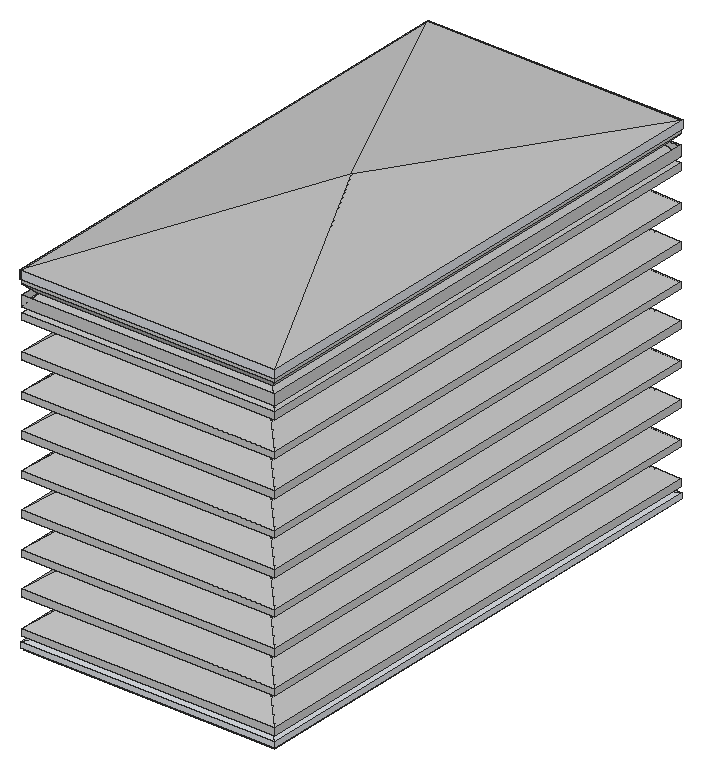
Revit family
Parameters
  Width [instance] = 6' - 0"
  Weight = "5 lb/sq.ft."  # constant formula
  Warranty = "All materials and workmanship are warranted for a period of 1 year from date of completion."  # constant formula
  URL = "http://www.industriallouvers.com"
  Surface Finish = "Aluminum, Anodized, or Kynar finish"  # constant formula
  Support Structure = Aluminum
  Subcategory = "Penthouse – Brick Vent "  # constant formula
  Screen length [instance] = Interior Length - 0' 4 1/2"  # 1' - 11 7/16"
  Screen Width [instance] = Interior Width - 0' 4 1/2"  # 4' - 11 7/16"
  Screen Material = Screen Material
  Screen Frame = Aluminum
  SMARTBIM URL = "http://www.SMARTBIM.com"
  SMARTBIM Object Version = 3  # constant formula
  SMARTBIM Object Created By = "SMARTBIM, LLC"  # constant formula
  SMARTBIM Contact = "mailto:SMARTBIM@SMARTBIM.com"
  Roof Material = Aluminum
  Roof Height [instance] = tan(8.63°) * (0.5 * Length)  # 0' - 2.73189"
  Product Submittal URL = "http://www.industriallouvers.com/downloads/Penthouse%20&%20BV/480XP.pdf"
  Product Page URL = "http://www.industriallouvers.com/lv_pbv.php"
  Number of Blades [instance] = (Height - 0' 5 1/2") / 0' 5"  # 9
  Model = "480XP"  # constant formula
  Minimum Height = 1' - 0"  # constant formula
  Maximum Size - Single Section [instance] = "One dimension not to exceed 78\" or 300 lbs"
  Material = "Aluminum"  # constant formula
  Manufacturer Toll Free Phone = "1-800-328-3421"  # constant formula
  Manufacturer Phone = "763-972-2981"  # constant formula
  Manufacturer Fax = "763-972-2911"  # constant formula
  Manufacturer Email = "mailto:ilinfo@industriallouvers.com"
  Manufacturer Address = "511 S. 7th Street, Delano, MN 55328"  # constant formula
  Manufacturer = "Industrial Louvers, Inc."  # constant formula
  Maintenance = "http://www.industriallouvers.com/prod-forms/Maintenance%20Instructions.pdf"
  Length [instance] = 3' - 0"
  Interior Width [instance] = Width - (2 * 0' 4 1/32")  # 5' - 3 15/16"
  Intermediate Louver Height [instance] = (Number of Blades - 1) * 0' 5"  # 3' - 4"
  Interior Length [instance] = Length - (2 * 0' 4 1/32")  # 2' - 3 15/16"
  Height [instance] = 4' - 0"
  Free Area for 48”x48” Louver = "Depends on louver type"  # constant formula
  Free Area (ft²) for 48" x 48" Louver = "Depends on louver type"  # constant formula
  Description = "Penthouse – Brick Vent"  # constant formula
  Depth = 0' - 4"  # constant formula
  Default Elevation = 4' - 0"
  Cost Info = "Contact Factory"  # constant formula
  Blade Start Height [instance] = (Height - 0' 4 1/2" - Intermediate Louver Height) / 2  # 0' - 1 3/4"
  Blade Material = Aluminum
  Assembly Code = "B2010300"
  95 CSI = "10200"  # constant formula
  04 CSI = "08 91 00"  # constant formula
Reference planes (in)
  plane 1 "Center (Front/Back)": y = 5.13795
  plane 2: z = 0
  plane 3 "Center (Left/Right)": x = 0
  plane 4: y = 37.1067
  plane 5: y = -26.8308
  plane 6: x = 13.96875
  plane 7: x = -13.96875
  plane 8 "Height Plane": z = 48
  plane 9: z = 47.89294
  plane 10: z = 21.48895
  plane 11: x = -18.01012
  plane 12: x = -17.92585
  plane 13: x = 18.01012
  plane 14: x = 17.92585
  plane 15: y = -30.87217
  plane 16: y = -30.7879
  plane 17: y = 41.14806
  plane 18: y = 41.0638
  plane 19 "Roof Plane": z = 48.11539
  plane 20: z = 1.75
  plane 21: z = 41.75
  plane 22: x = -13.71875
  plane 23: x = 13.71875
  plane 24: y = 36.8567
  plane 25: y = -26.5808
  plane 26: y = -24.8308
  plane 27: y = 35.1067
  plane 28: x = -11.96875
  plane 29: x = 11.96875
  plane 30: z = 50.84728
  plane 31: z = 50.73189
  plane 32: z = 48.04506
Forms (in)
  Sweep 1, solid
    path origin (0, 0, 0) x (1, 0, 0) y (0, 1, 0)
      loop
        line (-13.96875, 37.1067) -> (-13.96875, -26.8308) -> (13.96875, -26.8308) -> (13.96875, 37.1067) -> (-13.96875, 37.1067)
    profile origin (0, 37.1067, 0) x (0, 1, 0) y (0, 0, 1)
      loop
        line (0.081, 1.96624) -> (3.919, 0.93785) -> (3.919, 0.331) -> (3.669, 0.331) -> (3.669, 0.081) -> (3.25, 0.081) -> (3.25, 0) -> (3.75, 0) -> (3.75, 0.25) -> (4, 0.25) -> (4, 1) -> (0.081, 2.05009) -> (0.081, 4.22329) -> (0.28284, 4.02145) -> (0.35355, 4.02145) -> (0, 4.375) -> (0, 0) -> (0.5, 0) -> (0.5, 0.081) -> (0.081, 0.081) -> (0.081, 1.96624)
  Sweep 2, solid, material "Aluminum" <- "Blade Material", detail levels medium+fine
    path origin (-44.55584, -180, 48) x (0, -1, 0) y (1, 0, 0)
      loop
        line (-217.1067, 30.58709) -> (-153.1692, 30.58709) -> (-153.1692, 58.52459) -> (-217.1067, 58.52459) -> (-217.1067, 30.58709)
    profile origin (-13.96875, 5.13795, 48) x (1, 0, 0) y (0, 0, 1)
      loop
        line (-3.91956, -3.01192) -> (-3.91956, -4.54354) -> (-1.99747, -2.25288) -> (-0.00056, -1.52606) -> (-0.00056, -0.02606) -> (-0.25056, -0.02606) -> (-0.25056, -0.10706) -> (-0.08156, -0.10706) -> (-0.08156, -1.46934) -> (-2.04557, -2.18418) -> (-2.60508, -2.85099) -> (-3.83856, -1.61751) -> (-3.83856, -0.10706) -> (-3.41956, -0.10706) -> (-3.41956, -0.02606) -> (-3.91956, -0.02606) -> (-3.91956, -1.65106) -> (-2.65735, -2.91327) -> (-3.83856, -4.32099) -> (-3.83856, -3.09292) -> (-3.91956, -3.01192)
  Sweep 3, solid
    path origin (0, 0, 0) x (1, 0, 0) y (0, 1, 0)
      loop
        line (-18.01012, 41.14806) -> (-18.01012, -30.87217) -> (18.01012, -30.87217) -> (18.01012, 41.14806) -> (-18.01012, 41.14806)
    profile origin (-18.01012, 5.13795, 0) x (1, 0, 0) y (0, 0, 1)
      loop
        line (0, 48.11539) -> (0, 47.05143) -> (0.08427, 47.05143) -> (0.08427, 48.11539) -> (0, 48.11539)
  Blend 4, solid, material "Aluminum" <- "Roof Material"
    base sketch origin (0, 0, 48.11539) x (0, -1, 0) y (1, 0, 0)
      loop
        line (30.87217, 18.01012) -> (-41.14806, 18.01012) -> (-41.14806, -18.01012) -> (30.87217, -18.01012) -> (30.87217, 18.01012)
    top sketch origin (0, 0, 48.11539) x (0, -1, 0) y (1, 0, 0)
      loop
        line (-5.1692, -0.03125) -> (-5.1067, -0.03125) -> (-5.1067, 0.03125) -> (-5.1692, 0.03125) -> (-5.1692, -0.03125)
    from 0 to 2.73189
  Extrusion 5, solid, material "Aluminum" <- "Support Structure", detail levels fine
    sketch origin (0, 0, 0) x (1, 0, 0) y (0, 1, 0)
      loop
        line (-13.71875, -26.5808) -> (-13.71875, -24.8308) -> (-13.96875, -24.8308) -> (-13.96875, -26.8308) -> (-11.96875, -26.8308) -> (-11.96875, -26.5808) -> (-13.71875, -26.5808)
      loop
        line (-13.96875, 37.1067) -> (-13.96875, 35.1067) -> (-13.71875, 35.1067) -> (-13.71875, 36.8567) -> (-11.96875, 36.8567) -> (-11.96875, 37.1067) -> (-13.96875, 37.1067)
      loop
        line (13.96875, 37.1067) -> (11.96875, 37.1067) -> (11.96875, 36.8567) -> (13.71875, 36.8567) -> (13.71875, 35.1067) -> (13.96875, 35.1067) -> (13.96875, 37.1067)
      loop
        line (13.71875, -24.8308) -> (13.71875, -26.5808) -> (11.96875, -26.5808) -> (11.96875, -26.8308) -> (13.96875, -26.8308) -> (13.96875, -24.8308) -> (13.71875, -24.8308)
    from 0 to 48
  Extrusion 6, solid, material "Aluminum" <- "Blade Material", detail levels coarse
    sketch origin (0, 0, 0) x (1, 0, 0) y (0, 1, 0)
      loop
        line (17.96875, 41.1067) -> (-17.88831, 41.1067) -> (-17.88831, -30.8308) -> (17.96875, -30.8308) -> (17.96875, 41.1067)
      loop
        line (-13.96875, 37.1067) -> (-13.96875, -26.8308) -> (13.96875, -26.8308) -> (13.96875, 37.1067) -> (-13.96875, 37.1067)
    from 1 to 47.05143
  Blend 7, void
    base sketch origin (0, 0, 48.11539) x (0, -1, 0) y (1, 0, 0)
      loop
        line (-41.0638, -17.92585) -> (30.7879, -17.92585) -> (30.7879, 17.92585) -> (-41.0638, 17.92585) -> (-41.0638, -17.92585)
    top sketch origin (0, 0, 48.11539) x (0, -1, 0) y (1, 0, 0)
      loop
        line (-5.1067, -0.03125) -> (-5.1067, 0.03125) -> (-5.1692, 0.03125) -> (-5.1692, -0.03125) -> (-5.1067, -0.03125)
    from -0.07034 to 2.61649
Cuts and joins
  Blend 7 cuts Extrusion 5
  Blend 7 cuts Extrusion 6
  Blend 7 cuts Sweep 1
  Blend 7 cuts Blend 4
Dimensions and locks (in)
  equal spacing: plane 4, plane 1 "Center (Front/Back)", plane 5
  equal spacing: plane 7, plane 3 "Center (Left/Right)", plane 6
  "Interior Length": plane 7 to plane 6
  "Interior Width": plane 4 to plane 5
  "Height": plane 8 "Height Plane" to level
  locked: plane 8 "Height Plane" to plane 9 at 0.10706
  plane 7 to plane 12 to plane 11 = 0' - 3.9571" locked, 0' - 0.08427" locked
  plane 6 to plane 14 to plane 13 = 0' - 3.9571" locked, 0' - 0.08427" locked
  plane 5 to plane 16 to plane 15 = 0' - 3.9571" locked, 0' - 0.08427" locked
  plane 4 to plane 18 to plane 17 = 0' - 3.9571" locked, 0' - 0.08427" locked
  plane 19 "Roof Plane" to plane 8 "Height Plane" = 0' - 0.11539"
  locked: Sweep 3 sketch curve to Sweep 3 sketch curve at 1.06396
  locked: Sweep 3 sketch curve to Sweep 3 sketch curve at 0.08427
  Blend 4 sketch curve to plane 3 "Center (Left/Right)" to Blend 4 sketch curve = 0' - 0 1/32" locked, 0' - 0 1/32" locked
  Blend 4 sketch curve to plane 1 "Center (Front/Back)" to Blend 4 sketch curve = 0' - 0 1/32" locked, 0' - 0 1/32" locked
  "Intermediate Louver Height": plane 21 to plane 20
  "Blade Start Height": plane 20 to level
  plane 8 "Height Plane" to Sweep 2 = 0' - 4.54354"
  Sweep 1 to level = 0' - 1"
  equal spacing: group 1, group 3, group 4, group 5, group 6, group 7, group 8, group 9, group 2  (x3)
  locked: plane 25 to plane 5 at 0.25
  locked: plane 4 to plane 24 at 0.25
  locked: plane 7 to plane 22 at 0.25
  locked: plane 23 to plane 6 at 0.25
  locked: plane 4 to plane 27 at 2
  locked: plane 26 to plane 5 at 2
  locked: plane 7 to plane 28 at 2
  locked: plane 29 to plane 6 at 2
  locked: plane 30 to plane 31 at 0.11539
  "Roof Height": plane 30 to plane 19 "Roof Plane"
  locked: plane 32 to plane 8 "Height Plane" at 0.04506
  aligned and locked: Sweep 1 sketch curve to plane 4
  aligned and locked: Sweep 1 sketch curve to plane 7
  aligned and locked: Sweep 1 sketch curve to plane 6
  aligned and locked: Sweep 1 sketch curve to plane 5
  aligned and locked: Sweep 2 sketch curve to plane 7
  aligned and locked: Sweep 2 sketch curve to plane 4
  aligned and locked: Sweep 2 sketch curve to plane 6
  aligned and locked: Sweep 2 sketch curve to plane 5
  aligned and locked: Sweep 2 to plane 9
  aligned and locked: Sweep 3 sketch curve to plane 11
  aligned and locked: Sweep 3 sketch curve to plane 17
  aligned and locked: plane 13 to Sweep 3 sketch curve
  aligned and locked: plane 15 to Sweep 3 sketch curve
  aligned and locked: Sweep 3 to plane 19 "Roof Plane"
  aligned and locked: plane 15 to Blend 4 sketch curve
  aligned and locked: Blend 4 sketch curve to plane 11
  aligned and locked: Blend 4 sketch curve to plane 17
  aligned and locked: plane 13 to Blend 4 sketch curve
  aligned and locked: plane 3 "Center (Left/Right)" to nested 1
  aligned and locked: plane 1 "Center (Front/Back)" to nested 1
  aligned and locked: nested 1 to plane 20
  aligned and locked: nested 2 to plane 21
  aligned and locked: Extrusion 5 sketch curve to plane 22
  aligned and locked: Extrusion 5 sketch curve to plane 7
  aligned and locked: Extrusion 5 sketch curve to plane 24
  aligned and locked: Extrusion 5 sketch curve to plane 4
  aligned and locked: Extrusion 5 sketch curve to plane 6
  aligned and locked: Extrusion 5 sketch curve to plane 23
  aligned and locked: Extrusion 5 sketch curve to plane 5
  aligned and locked: Extrusion 5 sketch curve to plane 25
  aligned and locked: Extrusion 5 sketch curve to plane 28
  aligned and locked: Extrusion 5 sketch curve to plane 26
  aligned and locked: Extrusion 5 sketch curve to plane 29
  aligned and locked: Extrusion 5 sketch curve to plane 27
  aligned and locked: Extrusion 5 to plane 8 "Height Plane"
  aligned and locked: Extrusion 6 sketch curve to plane 7
  aligned and locked: Extrusion 6 sketch curve to plane 4
  aligned and locked: Extrusion 6 sketch curve to plane 5
  aligned and locked: Extrusion 6 sketch curve to plane 6
  aligned and locked: Extrusion 6 to Sweep 3
  aligned and locked: Sweep 1 to Extrusion 6
  aligned and locked: plane 3 "Center (Left/Right)" to nested 10
  aligned and locked: nested 10 to plane 5
  aligned and locked: plane 1 "Center (Front/Back)" to nested 11
  aligned and locked: nested 2 to nested 12
  aligned and locked: nested 13 to nested 2
  aligned and locked: plane 6 to nested 13
  aligned and locked: plane 4 to nested 12
  aligned and locked: nested 11 to plane 7
  aligned and locked: plane 31 to cut or joined group of Blend 4, Blend 7
  aligned and locked: plane 30 to cut or joined group of Blend 4, Blend 7
  aligned: plane 8 "Height Plane" to cut or joined group of Blend 4, Blend 7
  aligned: plane 32 to cut or joined group of Blend 4, Blend 7
  aligned: plane 19 "Roof Plane" to cut or joined group of Blend 4, Blend 7
  aligned and locked: plane 32 to cut or joined group of Blend 4, Blend 7
Automatic sketch dimensions
  Sweep 1 sketch curve to profile plane = 0' - 0"
  Sweep 1 sketch curve to level = 0' - 0"  (x2)
  Sweep 1 sketch curve to profile plane = 0' - 0.081"  (x2)
  Sweep 1 sketch curve to profile plane = 0' - 0.28284"
  Sweep 1 sketch curve to Sweep 1 sketch curve = 0' - 0.07071"
  Sweep 1 sketch curve to Sweep 1 sketch curve = 0' - 0.419"  (x2)
  level to Sweep 1 sketch curve = 0' - 0.081"  (x2)
  Sweep 1 sketch curve to Sweep 1 sketch curve = 0' - 2 3/4"
  Sweep 1 sketch curve to Sweep 1 sketch curve = 0' - 0.081"  (x3)
  Sweep 1 sketch curve to Sweep 1 sketch curve = 0' - 0.169"
  level to Sweep 1 sketch curve = 0' - 0 1/4"
  Sweep 1 sketch curve to Sweep 1 sketch curve = 0' - 0.60685"
  Sweep 1 sketch curve to Sweep 1 sketch curve = 0' - 0.06215"
  Sweep 1 sketch curve to Sweep 1 sketch curve = 0' - 1.88524"
  Sweep 1 sketch curve to Sweep 1 sketch curve = 0' - 0.08386"
  Sweep 1 sketch curve to Sweep 1 sketch curve = 0' - 1.97135"
  Sweep 1 sketch curve to Sweep 1 sketch curve = 0' - 0.20184"
  Sweep 1 sketch curve to Sweep 1 sketch curve = 0' - 0.15171"
  profile plane to Sweep 2 sketch curve = 0' - 3.91956"
  plane 8 "Height Plane" to Sweep 2 sketch curve = 0' - 0.02606"  (x2)
  Sweep 2 sketch curve to Sweep 2 sketch curve = 0' - 0"
  Sweep 2 sketch curve to Sweep 2 sketch curve = 0' - 0.081"  (x3)
  plane 8 "Height Plane" to Sweep 2 sketch curve = 0' - 0.10706"  (x2)
  Sweep 2 sketch curve to Sweep 2 sketch curve = 0' - 0.419"
  Sweep 2 sketch curve to Sweep 2 sketch curve = 0' - 1.18121"
  Sweep 2 sketch curve to Sweep 2 sketch curve = 0' - 0.05226"
  Sweep 2 sketch curve to Sweep 2 sketch curve = 0' - 0.55951"
  Sweep 2 sketch curve to Sweep 2 sketch curve = 0' - 0.0481"
  profile plane to Sweep 2 sketch curve = 0' - 0.25056"
  profile plane to Sweep 2 sketch curve = 0' - 0.08156"
  profile plane to Sweep 2 sketch curve = 0' - 0.00056"
  Sweep 2 sketch curve to Sweep 2 sketch curve = 0' - 1.44328"
  Sweep 2 sketch curve to Sweep 2 sketch curve = 0' - 0.05672"
  Sweep 2 sketch curve to Sweep 2 sketch curve = 0' - 1.51045"
  Sweep 2 sketch curve to Sweep 2 sketch curve = 0' - 0.03355"
  Sweep 2 sketch curve to Sweep 2 sketch curve = 0' - 0.56667"
  Sweep 2 sketch curve to Sweep 2 sketch curve = 0' - 0.06869"
  Sweep 2 sketch curve to Sweep 2 sketch curve = 0' - 0.59811"
  Sweep 2 sketch curve to Sweep 2 sketch curve = 0' - 0.06229"
  Sweep 2 sketch curve to Sweep 2 sketch curve = 0' - 0.09864"
  Sweep 2 sketch curve to Sweep 2 sketch curve = 0' - 1.22807"
  Sweep 2 sketch curve to Sweep 2 sketch curve = 0' - 0.22255"
  profile plane to Sweep 3 sketch curve = 0' - 0"
  level to Sweep 3 sketch curve = 3' - 11.05143"
  Extrusion 5 sketch curve to plane 7 = 0' - 0"
  Extrusion 5 sketch curve to plane 22 = 0' - 0"
  Extrusion 5 sketch curve to plane 28 = 0' - 0"
  Extrusion 5 sketch curve to plane 5 = 0' - 0"
  Extrusion 5 sketch curve to plane 29 = 0' - 0"
  Extrusion 5 sketch curve to plane 23 = 0' - 0"
  Extrusion 5 sketch curve to plane 6 = 0' - 0"
  plane 25 to Extrusion 5 sketch curve = 0' - 0"
  Extrusion 5 sketch curve to plane 26 = 0' - 0"
  Extrusion 5 sketch curve to plane 27 = 0' - 0"
  Extrusion 5 sketch curve to plane 24 = 0' - 0"
  Extrusion 5 sketch curve to plane 4 = 0' - 0"
  plane 12 to Extrusion 6 sketch curve = 0' - 0.03754"
  plane 13 to Extrusion 6 sketch curve = 0' - 0.04137"
  plane 15 to Extrusion 6 sketch curve = 0' - 0.04137"
  plane 17 to Extrusion 6 sketch curve = 0' - 0.04137"
  Blend 7 sketch curve to plane 14 = 0' - 0"
  plane 18 to Blend 7 sketch curve = 0' - 0"
  Blend 7 sketch curve to plane 16 = 0' - 0"
  Blend 7 sketch curve to plane 12 = 0' - 0"
  Blend 7 sketch curve to plane 1 "Center (Front/Back)" = 0' - 0 1/32"
  plane 1 "Center (Front/Back)" to Blend 7 sketch curve = 0' - 0 1/32"
  Blend 7 sketch curve to plane 3 "Center (Left/Right)" = 0' - 0 1/32"
  plane 3 "Center (Left/Right)" to Blend 7 sketch curve = 0' - 0 1/32"
Nested families (in)
  nested 1: "Penthouse_Louver" at (4.34606, 2.58183, 1.75), type "Penthouse_Louver", detail levels medium+fine
    with Width 5' - 3 15/16", Length 2' - 3 15/16"
  nested 2: "Penthouse_Louver" at (4.34606, 2.58183, 41.75), type "Penthouse_Louver", detail levels medium+fine
    with Width 5' - 3 15/16", Length 2' - 3 15/16"
  nested 3: "Penthouse_Louver" at (4.34606, 2.58183, 6.75), type "Penthouse_Louver", detail levels medium+fine
    with Width 5' - 3 15/16", Length 2' - 3 15/16"
  nested 4: "Penthouse_Louver" at (4.34606, 2.58183, 11.75), type "Penthouse_Louver", detail levels medium+fine
    with Width 5' - 3 15/16", Length 2' - 3 15/16"
  nested 5: "Penthouse_Louver" at (4.34606, 2.58183, 16.75), type "Penthouse_Louver", detail levels medium+fine
    with Width 5' - 3 15/16", Length 2' - 3 15/16"
  nested 6: "Penthouse_Louver" at (4.34606, 2.58183, 21.75), type "Penthouse_Louver", detail levels medium+fine
    with Width 5' - 3 15/16", Length 2' - 3 15/16"
  nested 7: "Penthouse_Louver" at (4.34606, 2.58183, 26.75), type "Penthouse_Louver", detail levels medium+fine
    with Width 5' - 3 15/16", Length 2' - 3 15/16"
  nested 8: "Penthouse_Louver" at (4.34606, 2.58183, 31.75), type "Penthouse_Louver", detail levels medium+fine
    with Width 5' - 3 15/16", Length 2' - 3 15/16"
  nested 9: "Penthouse_Louver" at (4.34606, 2.58183, 36.75), type "Penthouse_Louver", detail levels medium+fine
    with Width 5' - 3 15/16", Length 2' - 3 15/16"
  nested 10: "Louver Screen" at (18, -26.8308, 0), Width <- "Screen length", type "Louver Screen", detail levels fine
    with Width 1' - 11 7/16", Height 4' - 0"
  nested 11: "Louver Screen" at (-13.96875, -12.86205, 0) x (0, -1, 0) z (0, 0, 1), Width <- "Screen Width", type "Louver Screen", detail levels fine
    with Width 4' - 11 7/16", Height 4' - 0"
  nested 12: "Louver Screen" at (18, 36.8567, 0), Width <- "Screen length", type "Louver Screen", detail levels fine
    with Width 1' - 11 7/16", Height 4' - 0"
  nested 13: "Louver Screen" at (13.96875, 23.13795, 0) x (0, 1, 0) z (0, 0, 1), Width <- "Screen Width", type "Louver Screen", detail levels fine
    with Width 4' - 11 7/16", Height 4' - 0"
Connectors (in)
  hvac at (0, 5.13795, 0), driven by "Interior Width", driven by "Interior Length"
    settings: on cut or joined group of Sweep 1, Blend 7, index 1, duct flow 0 CFM, flow factor 0, pres drop 0.00 in-wg, loss coef 0, conn angle 0.00°, conn width 27 15/16", conn height 63 15/16", conn radius 12", duct sys type 1, conn prof type 1, flow config 0, flow direction 0, loss method 0, conn ref index -1, conn util no, is conn primary yes, conn desc ""
Definition of nested family "Penthouse_Louver"
  Parameters (values of type "Penthouse_Louver")
    Width = 3' - 3.61683"
    Length = 4' - 0.62065"
    Blade Material = none
  Reference planes (in)
    plane 1 "Center (Front/Back)": y = 2.55612
    plane 2: z = 0
    plane 3 "Center (Left/Right)": x = -4.34606
    plane 4: x = -28.65639
    plane 5: y = 22.36453
    plane 6: x = 19.96426
    plane 7: y = -17.25229
  Forms (in)
    Sweep 1, solid, material <- "Blade Material"
      path origin (0, 0, 0) x (1, 0, 0) y (0, 1, 0)
        loop
          line (-28.65639, -17.25229) -> (19.96426, -17.25229) -> (19.96426, 22.36453) -> (-28.65639, 22.36453) -> (-28.65639, -17.25229)
      profile origin (-28.65639, 2.55612, 0) x (-1, 0, 0) y (0, 0, 1)
        loop
          line (0.919, 3.16988) -> (3.838, 0.93006) -> (3.838, 0.081) -> (3.919, 0) -> (3.919, 0.97) -> (1, 3.20983) -> (1, 3.54511) -> (1.25, 3.35328) -> (1.25, 3.45538) -> (0.081, 4.35238) -> (0.081, 4.9923) -> (0.22062, 4.85268) -> (0.22062, 4.96723) -> (0, 5.18785) -> (0, 4.31244) -> (0.919, 3.60727) -> (0.919, 3.16988)
  Dimensions and locks (in)
    equal spacing: plane 5, plane 1 "Center (Front/Back)", plane 7
    "Width": plane 5 to plane 7
    equal spacing: plane 4, plane 3 "Center (Left/Right)", plane 6
    "Length": plane 4 to plane 6
    aligned and locked: Sweep 1 sketch curve to plane 4
    aligned and locked: Sweep 1 sketch curve to plane 5
    aligned and locked: Sweep 1 sketch curve to plane 6
    aligned and locked: Sweep 1 sketch curve to plane 7
  Automatic sketch dimensions
    Sweep 1 sketch curve to profile plane = 0' - 0"
    Sweep 1 sketch curve to Sweep 1 sketch curve = 0' - 0.081"  (x4)
    Sweep 1 sketch curve to Sweep 1 sketch curve = 0' - 0.13962"
    Sweep 1 sketch curve to Sweep 1 sketch curve = 0' - 0.838"
    Sweep 1 sketch curve to Sweep 1 sketch curve = 0' - 0 1/4"
    Sweep 1 sketch curve to Sweep 1 sketch curve = 0' - 2.588"
    level to Sweep 1 sketch curve = 0' - 0"
    Sweep 1 sketch curve to Sweep 1 sketch curve = 0' - 0.84906"
    Sweep 1 sketch curve to Sweep 1 sketch curve = 0' - 0.03994"  (x3)
    Sweep 1 sketch curve to Sweep 1 sketch curve = 0' - 2.23983"
    Sweep 1 sketch curve to Sweep 1 sketch curve = 0' - 0.14345"
    Sweep 1 sketch curve to Sweep 1 sketch curve = 0' - 0.1021"
    Sweep 1 sketch curve to Sweep 1 sketch curve = 0' - 0.08973"
    Sweep 1 sketch curve to Sweep 1 sketch curve = 0' - 0.06215"
    Sweep 1 sketch curve to Sweep 1 sketch curve = 0' - 0.70517"
    Sweep 1 sketch curve to Sweep 1 sketch curve = 0' - 0.50029"
    Sweep 1 sketch curve to Sweep 1 sketch curve = 0' - 0.11455"
    Sweep 1 sketch curve to Sweep 1 sketch curve = 0' - 0.02507"
    Sweep 1 sketch curve to Sweep 1 sketch curve = 0' - 0.19555"
Definition of nested family "Louver Screen"
  Parameters (values of type "Louver Screen")
    Width [instance] = 5' - 0"
    Screen Frame = Aluminum
    Screen = Screen Material
    Height = 2' - 0"
  Reference planes (in)
    plane 1 "Center (Front/Back)": y = 0
    plane 2: z = 0
    plane 3 "Center (Left/Right)": x = -18
    plane 4: x = -48
    plane 5: x = 12
    plane 6: z = 24
    plane 7: x = -47.25
    plane 8: x = 11.25
    plane 9: z = 23.25
    plane 10: z = 0.75
  Forms (in)
    Sweep 1, solid, material "Aluminum" <- "Screen Frame"
      path origin (0, 0, 0) x (1, 0, 0) y (0, 0, 1)
        loop
          line (-48, 24) -> (-48, 0) -> (12, 0) -> (12, 24) -> (-48, 24)
      profile origin (-18, 0, 24) x (0, 0, 1) y (0, -1, 0)
        loop
          line (0, 0) -> (-0.75, 0) -> (-0.75, -0.25) -> (0, -0.25) -> (0, 0)
    Extrusion 2, solid, material "Screen Material" <- "Screen"
      sketch origin (0, 0, 0) x (1, 0, 0) y (0, 0, 1)
        loop
          line (-47.25, 0.75) -> (11.25, 0.75) -> (11.25, 23.25) -> (-47.25, 23.25) -> (-47.25, 0.75)
      from -0.08012 to -0.14285
  Dimensions and locks (in)
    equal spacing: plane 4, plane 3 "Center (Left/Right)", plane 5
    "Width": plane 4 to plane 5
    "Height": plane 6 to level
    locked: Sweep 1 sketch curve to Sweep 1 sketch curve at 0.25
    locked: Sweep 1 sketch curve to Sweep 1 sketch curve at 0.75
    locked: plane 6 to plane 9 at 0.75
    locked: plane 4 to plane 7 at 0.75
    locked: plane 5 to plane 8 at 0.75
    locked: plane 10 to level at 0.75
    aligned and locked: Sweep 1 sketch curve to plane 6
    aligned and locked: Sweep 1 sketch curve to plane 4
    aligned and locked: Sweep 1 sketch curve to level
    aligned and locked: Sweep 1 sketch curve to plane 5
    aligned and locked: Extrusion 2 sketch curve to plane 7
    aligned and locked: Extrusion 2 sketch curve to plane 9
    aligned and locked: Extrusion 2 sketch curve to plane 10
    aligned and locked: Extrusion 2 sketch curve to plane 8
  Automatic sketch dimensions
    Sweep 1 sketch curve to plane 1 "Center (Front/Back)" = 0' - 0"
    profile plane to Sweep 1 sketch curve = 0' - 0"
